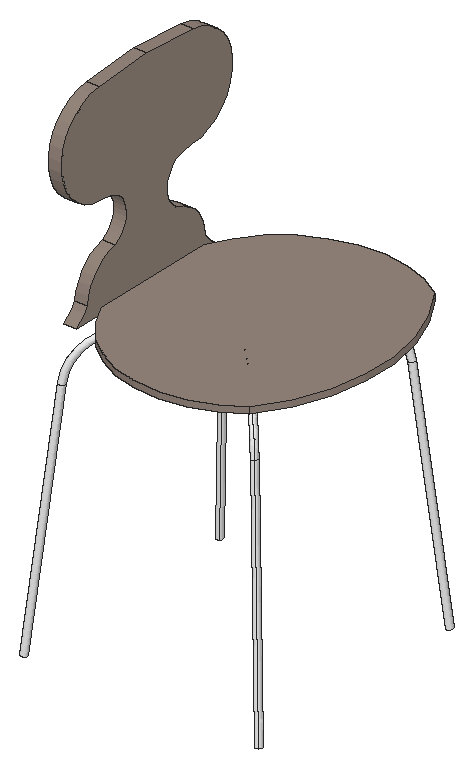
Revit family "Chair 3", category Furniture, Revit 2024
Family settings
  Work Plane-Based = No
  Enable Cutting in Views = No
  Always vertical = Yes
  Cut with Voids When Loaded = No
  Render Appearance Source = Family Geometry
  Shared = No
  Room Calculation Point = No
Parameters
  Keynote = "12600"
  Manufacturer = ""
  Default Elevation = 0 mm
  Bracket Material = Herman Miller - Finish 47 Trivalent Chrome
  Model = ""
  Cushion/Chair Back Material = Herman Miller - Veneer Z5 Maple
  BG_DIM_Width1 [instance] = 0 mm
  BG_DIM_Height1 [instance] = 0 mm
  BG_DIM_Depth1 [instance] = 0 mm
Reference planes
  plane 1 "Center F/B": y = -198.997
  plane 2: z = 0
  plane 3 "Center L/R": x = -1.022
Forms (mm)
  Sweep 1, solid, material "Herman Miller - Finish 47 Trivalent Chrome" <- "Bracket Material"
    path origin (61.052, -65.204, 45) x (0, 0, -1) y (0.707107, -0.707107, 0)
      loop
        line (45, -82.843) -> (-332.364, -36.508)
        arc (-332.364, -36.508) -> (-382.531, -10.114) -> (-402.615, 42.895) r 80
        line (-402.615, 42.895) -> (-402.615, 181.322)
    profile origin (18.855, -23.007, 188.682) x (-0.701836, 0.701836, 0.121869) y (-0.707107, -0.707107, 0)
      loop
        circle (0, 0) r 5
  Sweep 2, solid, material "Herman Miller - Finish 47 Trivalent Chrome" <- "Bracket Material"
    path origin (57.516, -325.168, 45) x (0, 0, -1) y (0.707107, 0.707107, 0)
      loop
        line (45, -82.843) -> (-332.364, -36.508)
        arc (-332.364, -36.508) -> (-382.531, -10.114) -> (-402.615, 42.895) r 80
        line (-402.615, 42.895) -> (-402.615, 181.322)
    profile origin (15.319, -367.364, 188.682) x (-0.701836, -0.701836, 0.121869) y (0.707107, -0.707107, 0)
      loop
        circle (0, 0) r 5
  Sweep 3, solid, material "Herman Miller - Finish 47 Trivalent Chrome" <- "Bracket Material"
    path origin (303.338, -65.204, 45) x (0, 0, -1) y (0.707107, 0.707107, 0)
      loop
        line (45, 82.843) -> (-332.364, 36.508)
        arc (-332.364, 36.508) -> (-382.531, 10.114) -> (-402.615, -42.895) r 80
        line (-402.615, -42.895) -> (-402.615, -181.322)
    profile origin (345.535, -23.007, 188.682) x (0.701836, 0.701836, 0.121869) y (-0.707107, 0.707107, 0)
      loop
        circle (0, 0) r 5
  Sweep 4, solid, material "Herman Miller - Finish 47 Trivalent Chrome" <- "Bracket Material"
    path origin (306.873, -325.168, 45) x (0, 0, -1) y (0.707107, -0.707107, 0)
      loop
        line (45, 82.843) -> (-332.364, 36.508)
        arc (-332.364, 36.508) -> (-382.531, 10.114) -> (-402.615, -42.895) r 80
        line (-402.615, -42.895) -> (-402.615, -181.322)
    profile origin (349.07, -367.364, 188.682) x (0.701836, -0.701836, 0.121869) y (0.707107, 0.707107, 0)
      loop
        circle (0, 0) r 5
  Extrusion 5, solid, material "Herman Miller - Veneer Z5 Maple" <- "Cushion/Chair Back Material"
    sketch origin (0, 0, 0) x (1, 0, 0) y (0, 1, 0)
      loop
        arc (340, -9.099) -> (152.776, 17.913) -> (32.728, -128.274) r 192.616
        line (32.728, -128.274) -> (32.728, -249.923)
        arc (32.728, -249.923) -> (152.776, -396.11) -> (340, -369.099) r 192.616
        arc (340, -369.099) -> (400.673, -189.099) -> (340, -9.099) r 297.34
    from 450 to 460
  Extrusion 6, solid, material "Herman Miller - Veneer Z5 Maple" <- "Cushion/Chair Back Material"
    sketch origin (390, -409.099, -27.081) x (0, 0, -1) y (0, 1, 0)
      loop
        arc (-498.809, 95.839) -> (-486.21, 86.065) -> (-477.081, 72.99) r 53.087
        line (-477.081, 72.99) -> (-477.081, 347.212)
        arc (-477.081, 347.212) -> (-486.21, 334.138) -> (-498.809, 324.364) r 53.087
        arc (-498.809, 324.364) -> (-539.073, 308.301) -> (-561.143, 270.989) r 67.175
        arc (-561.143, 270.989) -> (-601.737, 249.17) -> (-634.197, 281.887) r 38.521
        line (-634.197, 281.887) -> (-636.604, 298.938)
        arc (-636.604, 298.938) -> (-714.694, 376.726) -> (-796.127, 302.444) r 79.872
        line (-796.127, 302.444) -> (-802.584, 210.101) -> (-796.127, 117.759)
        arc (-796.127, 117.759) -> (-714.694, 43.477) -> (-636.604, 121.265) r 79.872
        line (-636.604, 121.265) -> (-634.197, 138.316)
        arc (-634.197, 138.316) -> (-601.737, 171.033) -> (-561.143, 149.213) r 38.521
        arc (-561.143, 149.213) -> (-539.073, 111.901) -> (-498.809, 95.839) r 67.175
    from -367.272 to -347.272
Dimensions and locks
  aligned and locked: plane 1 "Center F/B" to Extrusion 6
